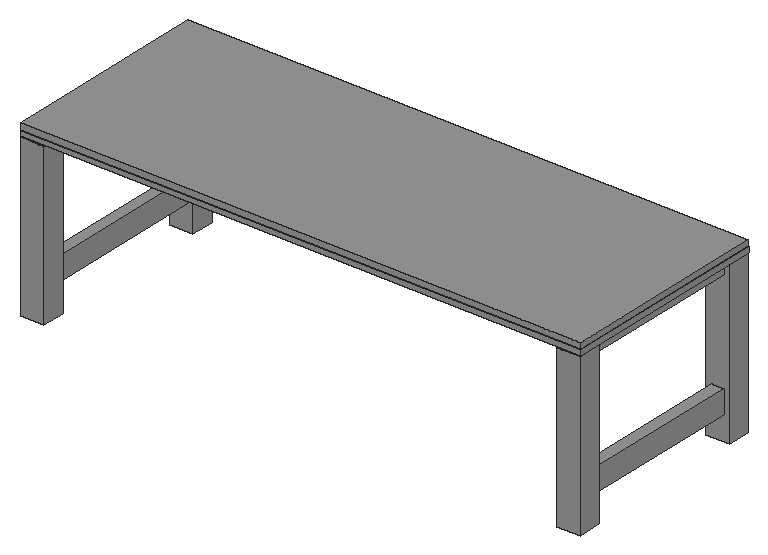
Revit family "GD10 Tables", category Furniture, Revit 2016
Family settings
  OmniClass Number = 23.40.20.00
  OmniClass Title = General Furniture and Specialties
  Work Plane-Based = No
  Always vertical = Yes
  Cut with Voids When Loaded = No
  Shared = No
  Room Calculation Point = No
Parameters (values of type "2400 x 900 x 742")
  Width = 2400 mm
  URL = "www.gof.co.uk"
  Table Top = Gresham - SOLID OAK
  Range = "GD10"
  Rails Control [instance] = if(Depth < 1200 mm, 300 mm, (if(Depth > 900 mm, 340 mm, Depth)))  # 300 mm
  Product Code = "GD10A5"
  Manufacturer = "Gresham Office Furniture"  # constant formula
  Height = 742 mm
  Frame = Gresham - SOLID OAK
  Depth = 900 mm
  Cross Rails Control [instance] = if(Width < 1999 mm, 575 mm, (if(Width = 2000 mm, 775 mm, (if(Width = 2200 mm, 1175 mm, (if(Width = 2400 mm, 1575 mm, 1575 mm)))))))  # 1575 mm
  Central Cross Rail = yes
  Assembly Code = "E2020200"
  1100 High Bottom Rail = no
Types (11, lengths in mm): name | Width | Rails Control | Product Code | Depth | Cross Rails Control | Central Cross Rail
  (no name) | 2400 | 300 | "GD10A5" | 900 | 1575 | yes
  1600 x 900 x 742 | 1600 | 300 | "GD10A1" | 900 | 575 | no
  1800 x 900 x 742 | 1800 | 300 | "GD10A2" | 900 | 575 | no
  2000 x 900 x 742 | 2000 | 300 | "GD10A3" | 900 | 775 | no
  2200 x 900 x 742 | 2200 | 300 | "GD10A4" | 900 | 1175 | yes
  2400 x 900 x 742 | 2400 | 300 | "GD10A5" | 900 | 1575 | yes
  1600 x 1200 x 742 | 1600 | 340 | "GD10B1" | 1200 | 575 | no
  1800 x 1200 x 742 | 1800 | 340 | "GD10B2" | 1200 | 575 | no
  2000 x 1200 x 742 | 2000 | 340 | "GD10B3" | 1200 | 775 | no
  2200 x 1200 x 742 | 2200 | 340 | "GD10B4" | 1200 | 1175 | yes
  2400 x 1200 x 742 | 2400 | 340 | "GD10B5" | 1200 | 1575 | yes
Reference planes
  plane 1 "Center (Front/Back)": y = 0
  plane 2: z = 0
  plane 3 "Center (Left/Right)": x = 0
  plane 4: x = 1200
  plane 5: x = -1200
  plane 6: y = 450
  plane 7: y = -450
  plane 8 "Table Underside": z = 717
  plane 9 "Height": z = 742
Forms (mm)
  Extrusion 1, solid, material "Gresham - SOLID OAK" <- "Table Top"
    sketch origin (0, 0, 717) x (-1, 0, 0) y (0, -1, 0)
      loop
        line (-1200, -450) -> (1200, -450) -> (1200, 450) -> (-1200, 450) -> (-1200, -450)
    from 0 to 25
  Extrusion 2, solid, material "Gresham - SOLID OAK" <- "Frame"
    sketch origin (-377.446, 134.939, -0.834) x (0, 1, 0) y (0, 0, 1)
      loop
        line (-34.939, 717.834) -> (-34.939, 642.834) -> (15.061, 642.834) -> (15.061, 717.834) -> (-34.939, 717.834)
    from -747.554 to 1502.446
  Extrusion 3, solid, material "Gresham - SOLID OAK" <- "Frame"
    sketch origin (-377.446, -134.939, -0.834) x (0, -1, 0) y (0, 0, -1)
      loop
        line (-34.939, -717.834) -> (15.061, -717.834) -> (15.061, -642.834) -> (-34.939, -642.834) -> (-34.939, -717.834)
    from -747.554 to 1502.446
  Extrusion 4, solid, material "Gresham - SOLID OAK" <- "Frame"
    sketch origin (940, -36.847, 0) x (1, 0, 0) y (0, 1, 0)
      loop
        line (-1752.5, 461.847) -> (-1752.5, -388.153) -> (-1727.5, -388.153) -> (-1727.5, 461.847) -> (-1752.5, 461.847)
    from 692 to 717
  Extrusion 5, solid, material "Gresham - SOLID OAK" <- "Frame"
    sketch origin (711.072, -1.847, 0) x (1, 0, 0) y (0, 1, 0)
      loop
        line (76.428, 426.847) -> (76.428, -423.153) -> (101.428, -423.153) -> (101.428, 426.847) -> (76.428, 426.847)
    from 692 to 717
  Extrusion 6, solid, material "Gresham - SOLID OAK" <- "Frame", visible <- "Central Cross Rail"
    sketch origin (1740, -36.847, 0) x (1, 0, 0) y (0, 1, 0)
      loop
        line (-1752.5, 461.847) -> (-1752.5, -388.153) -> (-1727.5, -388.153) -> (-1727.5, 461.847) -> (-1752.5, 461.847)
    from 692 to 717
  Extrusion 7, solid, material "Gresham - SOLID OAK" <- "Frame"
    sketch origin (0, 0, 0) x (1, 0, 0) y (0, 1, 0)
      loop
        line (1200, 450) -> (-1200, 450) -> (-1200, -450) -> (1200, -450) -> (1200, 450)
      loop
        line (1175, 425) -> (-1175, 425) -> (-1175, -425) -> (1175, -425) -> (1175, 425)
    from 692 to 712
  Extrusion 8, solid, material "Gresham - SOLID OAK" <- "Frame"
    sketch origin (0, 0, 0) x (1, 0, 0) y (0, 1, 0)
      loop
        line (1195, -445) -> (1195, 445) -> (-1195, 445) -> (-1195, -445) -> (1195, -445)
      loop
        line (1175, 425) -> (-1175, 425) -> (-1175, -425) -> (1175, -425) -> (1175, 425)
    from 692 to 717
  Extrusion 9, solid, material "Gresham - SOLID OAK" <- "Frame", visible <- "1100 High Bottom Rail"
    sketch origin (-377.446, -9.939, -0.834) x (0, -1, 0) y (0, 0, -1)
      loop
        line (-34.939, -205.834) -> (15.061, -205.834) -> (15.061, -105.834) -> (-34.939, -105.834) -> (-34.939, -205.834)
    from -747.554 to 1502.446
Dimensions and locks
  equal spacing: plane 5, plane 3 "Center (Left/Right)", plane 4
  "Width": plane 5 to plane 4
  equal spacing: plane 7, plane 1 "Center (Front/Back)", plane 6
  "Depth": plane 7 to plane 6
  "Height": plane 9 "Height" to level
  locked: Extrusion 2 to plane 4 at 75
  locked: plane 5 to Extrusion 2 at 75
  locked: Extrusion 2 to Extrusion 2 at 50
  locked: Extrusion 2 to Extrusion 1 at 75
  locked: Extrusion 3 to Extrusion 3 at 50
  locked: Extrusion 3 to Extrusion 1 at 75
  "Rails Control": Extrusion 2 to plane 6
  "Rails Control": Extrusion 3 to plane 7
  plane 1 "Center (Front/Back)" to Extrusion 2 = 100 mm
  Extrusion 3 to plane 1 "Center (Front/Back)" = 100 mm
  locked: Extrusion 4 to Extrusion 4 at 25  (x2)
  locked: Extrusion 5 to Extrusion 5 at 25  (x2)
  equal spacing: Extrusion 4, plane 3 "Center (Left/Right)", Extrusion 5
  locked: Extrusion 5 to plane 6 at 25
  locked: Extrusion 5 to plane 7 at 25
  "Cross Rails Control": Extrusion 4 to Extrusion 5
  locked: Extrusion 6 to Extrusion 6 at 25  (x2)
  nested 2 to Extrusion 7 = 5 mm
  plane 8 "Table Underside" to Extrusion 7 = 5 mm
  Extrusion 8 to plane 4 = 5 mm
  Extrusion 8 to Extrusion 8 = 20 mm  (x3)
  plane 7 to Extrusion 8 = 5 mm
  plane 5 to Extrusion 8 = 5 mm
  locked: plane 8 "Table Underside" to Extrusion 7 at 5
  locked: plane 9 "Height" to plane 8 "Table Underside" at 25
  locked: Extrusion 7 to Extrusion 7 at 20
  Extrusion 8 to nested 2 = 30 mm
  locked: Extrusion 8 to Extrusion 8 at 25
  locked: Extrusion 9 to Extrusion 9 at 50
  locked: Extrusion 9 to level at 105
  aligned and locked: level to plane 2
  aligned and locked: Extrusion 1 to plane 9 "Height"
  aligned and locked: plane 8 "Table Underside" to Extrusion 1
  aligned and locked: Extrusion 3 to Extrusion 2
  aligned and locked: Extrusion 2 to Extrusion 3
  aligned and locked: Extrusion 4 to Extrusion 1
  aligned and locked: Extrusion 5 to Extrusion 4
  aligned and locked: Extrusion 4 to Extrusion 5
  aligned and locked: nested 2 to plane 8 "Table Underside"  (x2)
  aligned and locked: plane 8 "Table Underside" to Extrusion 8
  aligned and locked: plane 8 "Table Underside" to Extrusion 5
  aligned and locked: Extrusion 2 to Extrusion 9
  aligned and locked: Extrusion 9 to Extrusion 2
  aligned and locked: plane 8 "Table Underside" to Extrusion 6
  aligned and locked: plane 8 "Table Underside" to nested 1
Automatic sketch dimensions
  Extrusion 1 sketch curve to plane 4 = 0 mm
  Extrusion 1 sketch curve to plane 5 = 0 mm
  plane 6 to Extrusion 1 sketch curve = 0 mm
  Extrusion 1 sketch curve to plane 7 = 0 mm
  Extrusion 2 sketch curve to plane 8 "Table Underside" = 0 mm
  Extrusion 2 sketch curve to plane 1 "Center (Front/Back)" = 100 mm
  Extrusion 2 sketch curve to Extrusion 2 sketch curve = 50 mm
  Extrusion 2 sketch curve to Extrusion 2 sketch curve = 75 mm
  Extrusion 3 sketch curve to plane 8 "Table Underside" = 0 mm
  plane 1 "Center (Front/Back)" to Extrusion 3 sketch curve = 100 mm
  Extrusion 3 sketch curve to Extrusion 3 sketch curve = 50 mm
  Extrusion 3 sketch curve to Extrusion 3 sketch curve = 75 mm
  plane 7 to Extrusion 4 sketch curve = 25 mm
  Extrusion 4 sketch curve to plane 3 "Center (Left/Right)" = 812.5 mm
  Extrusion 4 sketch curve to Extrusion 4 sketch curve = 25 mm
  plane 6 to Extrusion 4 sketch curve = 25 mm
  plane 7 to Extrusion 5 sketch curve = 25 mm
  plane 3 "Center (Left/Right)" to Extrusion 5 sketch curve = 787.5 mm
  Extrusion 5 sketch curve to Extrusion 5 sketch curve = 25 mm
  plane 6 to Extrusion 5 sketch curve = 25 mm
  Extrusion 6 sketch curve to plane 3 "Center (Left/Right)" = 12.5 mm
  plane 3 "Center (Left/Right)" to Extrusion 6 sketch curve = 12.5 mm
  plane 7 to Extrusion 6 sketch curve = 25 mm
  plane 6 to Extrusion 6 sketch curve = 25 mm
  Extrusion 7 sketch curve to plane 5 = 0 mm
  Extrusion 7 sketch curve to plane 4 = 0 mm
  Extrusion 7 sketch curve to plane 7 = 0 mm
  plane 6 to Extrusion 7 sketch curve = 0 mm
  plane 5 to Extrusion 7 sketch curve = 25 mm
  Extrusion 7 sketch curve to plane 4 = 25 mm
  plane 7 to Extrusion 7 sketch curve = 25 mm
  plane 6 to Extrusion 7 sketch curve = 25 mm
  plane 5 to Extrusion 8 sketch curve = 5 mm
  plane 5 to Extrusion 8 sketch curve = 25 mm
  Extrusion 8 sketch curve to plane 4 = 25 mm
  Extrusion 8 sketch curve to plane 4 = 5 mm
  plane 7 to Extrusion 8 sketch curve = 5 mm
  plane 7 to Extrusion 8 sketch curve = 25 mm
  plane 6 to Extrusion 8 sketch curve = 25 mm
  plane 6 to Extrusion 8 sketch curve = 5 mm
  Extrusion 9 sketch curve to plane 8 "Table Underside" = 512 mm
  Extrusion 9 sketch curve to plane 1 "Center (Front/Back)" = 25 mm
  plane 1 "Center (Front/Back)" to Extrusion 9 sketch curve = 25 mm
  Extrusion 9 sketch curve to Extrusion 9 sketch curve = 100 mm
Nested families
  nested 1: "GD10 Legs" at (0, 0, 0), type "GD10 Legs"
    with Width 2400 mm, Height 742 mm
  nested 2: "GD10 Legs" at (0, 0, 0) x (-1, 0, 0) z (0, 0, 1), type "GD10 Legs"
    with Width 2400 mm, Height 742 mm
Definition of nested family "GD10 Legs"
  Parameters (values of type "GD10 Legs")
    Width = 1600 mm
    URL = "www.gof.co.uk"
    Table Top = none
    Range = "GD10"
    Product Code = ""
    Metal Plate = none
    Manufacturer = "Gresham Office Furniture"  # constant formula
    Height = 1000 mm
    Frame = none
    Depth = 900 mm
    Assembly Code = "E2020200"
  Reference planes
    plane 1 "Center (Front/Back)": y = 0
    plane 2: z = 0
    plane 3 "Center (Left/Right)": x = 0
    plane 4: x = 800
    plane 5: x = -800
    plane 6: y = 450
    plane 7: y = -450
    plane 8 "Table Underside": z = 975
    plane 9 "Height": z = 1000
    plane 10: z = 945
  Forms (mm)
    Extrusion 1, solid, material <- "Frame"
      sketch origin (0, -5, 0) x (1, 0, 0) y (0, 1, 0)
        loop
          line (800, 455) -> (700, 455) -> (700, 355) -> (800, 355) -> (800, 455)
      from 0 to 945
    Extrusion 2, solid, material <- "Frame"
      sketch origin (0, -2.338, 945) x (1, 0, 0) y (0, 1, 0)
        loop
          line (700, 352.338) -> (795, 352.338) -> (795, 447.338) -> (700, 447.338) -> (700, 352.338)
      from 0 to 5
    Extrusion 3, solid, material <- "Frame"
      sketch origin (0, -2.338, 950) x (1, 0, 0) y (0, 1, 0)
        loop
          line (700, 352.338) -> (775, 352.338) -> (775, 427.338) -> (700, 427.338) -> (700, 352.338)
      from 0 to 19
    Extrusion 4, solid, material <- "Frame"
      sketch origin (0, 5, 0) x (1, 0, 0) y (0, 1, 0)
        loop
          line (800, -455) -> (800, -355) -> (700, -355) -> (700, -455) -> (800, -455)
      from 0 to 945
    Extrusion 5, solid, material <- "Frame"
      sketch origin (0, 2.338, 945) x (1, 0, 0) y (0, 1, 0)
        loop
          line (700, -352.338) -> (700, -447.338) -> (795, -447.338) -> (795, -352.338) -> (700, -352.338)
      from 0 to 5
    Extrusion 6, solid, material <- "Frame"
      sketch origin (0, 2.338, 950) x (1, 0, 0) y (0, 1, 0)
        loop
          line (700, -352.338) -> (700, -427.338) -> (775, -427.338) -> (775, -352.338) -> (700, -352.338)
      from 0 to 19
    Extrusion 7, solid, material <- "Metal Plate"
      sketch origin (-45, 2.338, 969) x (1, 0, 0) y (0, 1, 0)
        loop
          line (700, -307.182) -> (700, -427.338) -> (820, -427.338) -> (820, -307.182) -> (700, -307.182)
      from 0 to 6
    Extrusion 8, solid, material <- "Frame"
      sketch origin (825, 350, 105) x (0, 0, 1) y (0, -1, 0)
        loop
          line (0, 0) -> (100, 0) -> (100, 700) -> (0, 700) -> (0, 0)
        loop
          line (795, 0) -> (864, 0) -> (864, 45.156) -> (870, 45.156) -> (870, 654.844) -> (864, 654.844) -> (864, 700) -> (795, 700) -> (795, 0)
      from -100 to -50
    Extrusion 9, solid, material <- "Metal Plate"
      sketch origin (0, 0, 0) x (1, 0, 0) y (0, 1, 0)
        loop
          line (775, 425) -> (655, 425) -> (655, 304.844) -> (775, 304.844) -> (775, 425)
      from 969 to 975
  Cuts and joins
    joined: Extrusion 1, Extrusion 2
  Dimensions and locks
    equal spacing: plane 5, plane 3 "Center (Left/Right)", plane 4
    "Width": plane 5 to plane 4
    equal spacing: plane 7, plane 1 "Center (Front/Back)", plane 6
    "Depth": plane 7 to plane 6
    "Height": plane 9 "Height" to level
    cut or joined group of Extrusion 1, Extrusion 2 to cut or joined group of Extrusion 1, Extrusion 2 = 100 mm  (x2)
    Extrusion 4 to Extrusion 4 = 100 mm  (x2)
    plane 9 "Height" to plane 8 "Table Underside" to plane 10 = 25 mm locked, 30 mm locked
    locked: Extrusion 8 to plane 4 at 25
    locked: Extrusion 8 to Extrusion 8 at 50
    locked: Extrusion 9 to Extrusion 9 at 6
    locked: Extrusion 7 to Extrusion 7 at 6
    locked: Extrusion 8 to level at 105
    aligned and locked: level to plane 2
    aligned and locked: plane 8 "Table Underside" to Extrusion 8
    aligned and locked: cut or joined group of Extrusion 1, Extrusion 2 to Extrusion 4
    aligned and locked: Extrusion 4 to plane 10
    aligned and locked: Extrusion 9 to Extrusion 3
  Automatic sketch dimensions
    plane 6 to Extrusion 1 sketch curve = 0 mm
    Extrusion 1 sketch curve to plane 4 = 0 mm
    Extrusion 1 sketch curve to plane 4 = 100 mm
    Extrusion 1 sketch curve to Extrusion 1 sketch curve = 100 mm
    Extrusion 2 sketch curve to Extrusion 1 = 0 mm
    Extrusion 1 to Extrusion 2 sketch curve = 0 mm
    Extrusion 2 sketch curve to Extrusion 1 = 5 mm  (x2)
    Extrusion 3 sketch curve to Extrusion 2 = 0 mm
    Extrusion 2 to Extrusion 3 sketch curve = 0 mm
    Extrusion 3 sketch curve to Extrusion 2 = 20 mm  (x2)
    Extrusion 4 sketch curve to plane 7 = 0 mm
    Extrusion 4 sketch curve to plane 4 = 0 mm
    plane 4 to Extrusion 4 sketch curve = 100 mm
    Extrusion 4 sketch curve to Extrusion 4 sketch curve = 100 mm
    Extrusion 5 sketch curve to Extrusion 4 = 0 mm  (x2)
    Extrusion 4 to Extrusion 5 sketch curve = 5 mm  (x2)
    Extrusion 6 sketch curve to Extrusion 5 = 0 mm  (x2)
    Extrusion 5 to Extrusion 6 sketch curve = 20 mm  (x2)
    Extrusion 8 sketch curve to plane 8 "Table Underside" = 0 mm
    Extrusion 8 sketch curve to plane 8 "Table Underside" = 6 mm  (x2)
    plane 10 to Extrusion 8 sketch curve = 45 mm
    plane 6 to Extrusion 8 sketch curve = 100 mm  (x2)
    level to Extrusion 8 sketch curve = 205 mm
    Extrusion 8 sketch curve to Extrusion 8 sketch curve = 100 mm
    Extrusion 8 sketch curve to Extrusion 8 sketch curve = 45.156 mm  (x2)
    plane 7 to Extrusion 8 sketch curve = 145.156 mm
    plane 7 to Extrusion 8 sketch curve = 100 mm
    Extrusion 7 sketch curve to Extrusion 6 = 0 mm  (x2)
    Extrusion 7 sketch curve to Extrusion 6 = 45 mm
    Extrusion 7 sketch curve to Extrusion 6 = 45.156 mm
    plane 6 to Extrusion 9 sketch curve = 25 mm
    Extrusion 9 sketch curve to plane 4 = 145 mm
    Extrusion 9 sketch curve to plane 4 = 25 mm
    Extrusion 9 sketch curve to Extrusion 9 sketch curve = 120.156 mm
